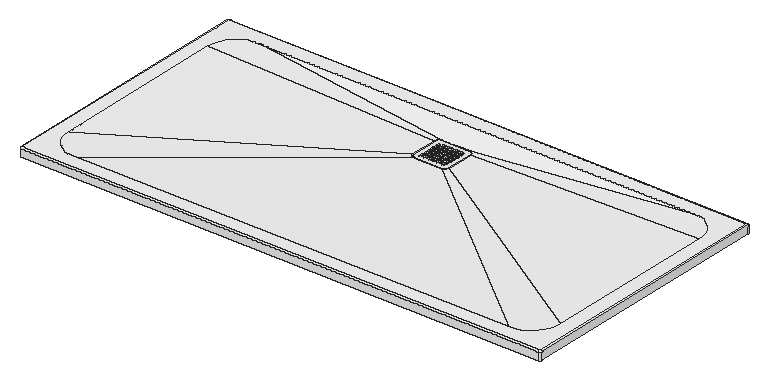
Revit family "IS_UltraFlatS_K8306_BIM_DE", category Plumbing Fixtures, host Face, Revit 2016
Family settings
  Host = Face
  Part Type = Normal
  Round Connector Dimension = Use Diameter
  OmniClass Number = 23.45.05.14.21.11
  OmniClass Title = Bath/Shower Units
  Cut with Voids When Loaded = No
  Shared = No
  Room Calculation Point = No
Parameters (values of type "K8306FR - ULTRAFLAT S PD 180X90 BIANCO")
  WarrantyStartDate = "n/a"
  WarrantyGuarantorParts = "n/a"
  WarrantyGuarantorLabor = "n/a"
  WarrantyDurationUnit = "n/a"
  WarrantyDurationParts = "n/a"
  WarrantyDurationLabor = "n/a"
  WarrantyDescription = "n/a"
  WFU = 0
  VolumeUnits = "Litres"
  Version = "1"
  Uniclass2015Version = "Products v1.1"
  Uniclass2015Title = "Shower trays"
  Uniclass2015Code = "Pr_40_20_06_84"
  URL = "www.idealstandard.de"
  Product data URL = "http://bimobject.com/idealstandard/product/k8306"
  Type Comments = "n/a"
  TagNumber = "n/a"
  SustainabilityPerformance = "n/a"
  Space = "Internal"
  Size = "1800 x 900 x 30 mm"
  Shape = "Rectangular"
  SerialNumber = "n/a"
  ReplacementCost = "n/a"
  ProductInformation = "www.idealstandard.de"
  PredefinedType = "n/a"
  Phone = "+49228 5210"
  NominalWidth = 1800 mm
  NominalLength = 900 mm
  NominalHeight = 30 mm
  NominalDepth = 0 mm
  Name = "ISI_IdealStandard_Showers_Ultra Flat S_K8306FR"
  ModelReference = "IS Rechteck-BRW ULTRA FLAT S,Abl.mittig, 1800x900x30mm, Carraraweiß"
  ModelNumber = "K8306FR"
  Model = "K8306FR"
  Material = "Sanitary Brass"
  ManufacturerURL = "www.idealstandard.de"
  Manufacturer = "idealstandard.de@idealstandard.com"
  MainMaterial = IS_RenderMaterial_VitreousChina
  LinearUnits = "millimeters"
  Keynote = ""
  InstallationInstructions = "www.idealstandard.de\\produkte"
  InstallationDate = "1900-12-31T23:59:59"
  Help = "idealstandard.de@idealstandard.com"
  HWFU = 0
  GrossWeight = "58,2 kg"
  Grade = "n/a"
  Finish = "Pure White"
  Features = "ULTRA FLAT S rectangular shower tray 1800x900mm"
  ExpectedLife = "25"
  DurationUnit = "year"
  DistributedBy = "n/a"
  Description = "Ultraflat S Pd 180 x 90 Bianco"
  Default Elevation = 0 mm
  CurrencyUnit = "€"
  CreatedOn = "42774"
  Cost = 0
  Constituents = "n/a"
  ConnectionType = "Plumbing"
  Color = "Pure White"
  CodePerformance = "0"
  CWFU = 0
  Brand = "Ideal Standard"
  BarCode = "4015413067829"
  BIMObjectName = "ISI_IdealStandard_Showers_Ultra Flat S_K8306FR"
  Author = "Ideal Standard"
  AssetType = "Fixed"
  AssetIdentifier = "n/a"
  Assembly Code = "C1030200"
  AreaUnits = "millimeters"
  AreaMeasurement = "n/a"
  Accessories = "www.idealstandard.de\\ersatzteile"
  AccessibilityPerformance = "n/a"
Types (5, lengths in mm): name | Name | ModelReference | ModelNumber | Model | MainMaterial | Finish | Description | Color | BarCode | BIMObjectName
  K8306FR - ULTRAFLAT S PD 180X90 BIANCO | "ISI_IdealStandard_Showers_Ultra Flat S_K8306FR" | "IS Rechteck-BRW ULTRA FLAT S,Abl.mittig, 1800x900x30mm, Carraraweiß" | "K8306FR" | "K8306FR" | IS_RenderMaterial_VitreousChina | "Pure White" | "Ultraflat S Pd 180 x 90 Bianco" | "Pure White" | "4015413067829" | "ISI_IdealStandard_Showers_Ultra Flat S_K8306FR"
  K8306FT - ULTRAFLAT S PD 180X90 SABBIA | "ISI_IdealStandard_Showers_Ultra Flat S_K8306FT" | "IS Rechteck-BRW ULTRA FLAT S,Abl.mittig, 1800x900x30mm, Sandstein" | "K8306FT" | "K8306FT" | IS_RenderMaterial_Gray | "Beach Sand" | "Ultraflat S Pd 180 x 90 Sabbia" | "Beach Sand" | "4015413071246" | "ISI_IdealStandard_Showers_Ultra Flat S_K8306FT"
  K8306FS - ULTRAFLAT S PD 180X90 GRIGIO CEMENTO | "ISI_IdealStandard_Showers_Ultra Flat S_K8306FS" | "IS Rechteck-BRW ULTRA FLAT S,Abl.mittig, 1800x900x30mm, Quarzgrau" | "K8306FS" | "K8306FS" | IS_RenderMaterial_Black | "Concrete Grey" | "Ultraflat S Pd 180 x 90 Grigio Cemento" | "Concrete Grey" | "4015413070782" | "ISI_IdealStandard_Showers_Ultra Flat S_K8306FS"
  K8306FV - ULTRAFLAT S PD 180X90 NERO | "ISI_IdealStandard_Showers_Ultra Flat S_K8306FV" | "IS Rechteck-BRW ULTRA FLAT S,Abl.mittig, 1800x900x30mm, Schiefer" | "K8306FV" | "K8306FV" | IS_RenderMaterial_Sand | "Jet Black" | "Ultraflat S Pd 180 x 90 Nero" | "Jet Black" | "4015413071949" | "ISI_IdealStandard_Showers_Ultra Flat S_K8306FV"
  K8306FU - ULTRAFLAT S PD 180X90 MOKA | "ISI_IdealStandard_Showers_Ultra Flat S_K8306FU" | "IS Rechteck-BRW ULTRA FLAT S,Abl.mittig, 1800x900x30mm, Lavabraun" | "K8306FU" | "K8306FU" | IS_RenderMaterial_Moka | "Deep Moka" | "Ultraflat S Pd 180 x 90 Moka" | "Deep Moka" | "4015413071604" | "ISI_IdealStandard_Showers_Ultra Flat S_K8306FU"
Reference planes
  plane 1 "Center (Front/Back)": y = 0
  plane 2: z = 0
  plane 3 "Center (Left/Right)": x = 0
  plane 4: z = 30
  plane 5: x = -900
  plane 6: x = -850
  plane 7: y = -900
  plane 8: y = -850
  plane 9: x = 900
  plane 10: x = 850
Forms (mm)
  Extrusion 1, solid, material "IS_RenderMaterial_VitreousChina" <- "MainMaterial"
    sketch origin (0, 0, 0) x (1, 0, 0) y (0, 1, 0)
      loop
        arc (-895, 0) -> (-898.536, -1.464) -> (-900, -5) r 5
        line (-900, -5) -> (-900, -895)
        arc (-900, -895) -> (-898.536, -898.536) -> (-895, -900) r 5
        line (-895, -900) -> (895, -900)
        arc (895, -900) -> (898.536, -898.536) -> (900, -895) r 5
        line (900, -895) -> (900, -5)
        arc (900, -5) -> (898.536, -1.464) -> (895, 0) r 5
        line (895, 0) -> (-895, 0)
    from 0 to 30
  Blend 2, void
    base sketch origin (0, 39.744, 30) x (-1, 0, 0) y (0, -1, 0)
      loop
        arc (750, 89.744) -> (820.711, 119.033) -> (850, 189.744) r 100
        line (850, 189.744) -> (850, 789.744)
        arc (850, 789.744) -> (820.711, 860.454) -> (750, 889.744) r 100
        line (750, 889.744) -> (-750, 889.744)
        arc (-750, 889.744) -> (-820.711, 860.454) -> (-850, 789.744) r 100
        line (-850, 789.744) -> (-850, 189.744)
        arc (-850, 189.744) -> (-820.711, 119.033) -> (-750, 89.744) r 100
        line (-750, 89.744) -> (750, 89.744)
    top sketch origin (0, 39.744, 30) x (-1, 0, 0) y (0, -1, 0)
      loop
        arc (47.5, 177.244) -> (58.107, 181.637) -> (62.5, 192.244) r 15
        line (62.5, 192.244) -> (62.5, 287.244)
        arc (62.5, 287.244) -> (58.107, 297.85) -> (47.5, 302.244) r 15
        line (47.5, 302.244) -> (-47.5, 302.244)
        arc (-47.5, 302.244) -> (-58.107, 297.85) -> (-62.5, 287.244) r 15
        line (-62.5, 287.244) -> (-62.5, 192.244)
        arc (-62.5, 192.244) -> (-58.107, 181.637) -> (-47.5, 177.244) r 15
        line (-47.5, 177.244) -> (47.5, 177.244)
    from 0 to -15
  Revolve 3, void
    sketch origin (-65.411, -200, 1219.2) x (-1, 0, 0) y (0, 0, 1)
      loop
        line (-65.411, -1219.2) -> (-20.411, -1219.2) -> (-20.411, -1214.2) -> (-13.411, -1207.2) -> (-65.411, -1207.2) -> (-65.411, -1219.2)
      axis (-65.411, -1219.2) -> (-65.411, -1207.2)
    angle from 0 to 360
  Extrusion 4, void
    sketch origin (0, -134.515, 12) x (-1, 0, 0) y (0, 1, 0)
      loop
        arc (-47.5, -2.985) -> (-58.107, -7.379) -> (-62.5, -17.985) r 15
        line (-62.5, -17.985) -> (-62.5, -112.985)
        arc (-62.5, -112.985) -> (-58.107, -123.592) -> (-47.5, -127.985) r 15
        line (-47.5, -127.985) -> (47.5, -127.985)
        arc (47.5, -127.985) -> (58.107, -123.592) -> (62.5, -112.985) r 15
        line (62.5, -112.985) -> (62.5, -17.985)
        arc (62.5, -17.985) -> (58.107, -7.379) -> (47.5, -2.985) r 15
        line (47.5, -2.985) -> (-47.5, -2.985)
    from 0 to -3
  Extrusion 5, solid, material "Chrome - Polished"
    sketch origin (0, -134.515, 12) x (0, 1, 0) y (-1, 0, 0)
      loop
        arc (-4.985, 46.539) -> (-9.074, 56.411) -> (-18.946, 60.5) r 13.961
        line (-18.946, 60.5) -> (-111.985, 60.5)
        arc (-111.985, 60.5) -> (-121.885, 56.399) -> (-125.985, 46.5) r 14
        line (-125.985, 46.5) -> (-125.985, -46.5)
        arc (-125.985, -46.5) -> (-121.885, -56.399) -> (-111.985, -60.5) r 14
        line (-111.985, -60.5) -> (-18.985, -60.5)
        arc (-18.985, -60.5) -> (-9.086, -56.399) -> (-4.985, -46.5) r 14
        line (-4.985, -46.5) -> (-4.985, 46.539)
      loop
        line (-64.007, 45) -> (-64.007, 32) -> (-52.007, 32) -> (-52.007, 45) -> (-64.007, 45)
      loop
        line (-49.007, 45) -> (-49.007, 32) -> (-37.007, 32) -> (-37.007, 45) -> (-49.007, 45)
      loop
        line (-34.007, 45) -> (-34.007, 32) -> (-22.007, 32) -> (-22.007, 45) -> (-34.007, 45)
      loop
        line (-34.007, 29) -> (-34.007, 16) -> (-22.007, 16) -> (-22.007, 29) -> (-34.007, 29)
      loop
        line (-34.007, 13) -> (-34.007, 1.526) -> (-22.007, 1.526) -> (-22.007, 13) -> (-34.007, 13)
      loop
        line (-37.007, 29) -> (-49.007, 29) -> (-49.007, 16) -> (-37.007, 16) -> (-37.007, 29)
      loop
        line (-37.007, 13) -> (-49.007, 13) -> (-49.007, 1.526) -> (-37.007, 1.526) -> (-37.007, 13)
      loop
        line (-52.007, 29) -> (-64.007, 29) -> (-64.007, 16) -> (-52.007, 16) -> (-52.007, 29)
      loop
        line (-52.007, 13) -> (-64.007, 13) -> (-64.007, 1.526) -> (-52.007, 1.526) -> (-52.007, 13)
      loop
        line (-64.007, -45) -> (-52.007, -45) -> (-52.007, -32) -> (-64.007, -32) -> (-64.007, -45)
      loop
        line (-49.007, -45) -> (-37.007, -45) -> (-37.007, -32) -> (-49.007, -32) -> (-49.007, -45)
      loop
        line (-34.007, -45) -> (-22.007, -45) -> (-22.007, -32) -> (-34.007, -32) -> (-34.007, -45)
      loop
        line (-34.007, -29) -> (-22.007, -29) -> (-22.007, -16) -> (-34.007, -16) -> (-34.007, -29)
      loop
        line (-34.007, -13) -> (-22.007, -13) -> (-22.007, -1.526) -> (-34.007, -1.526) -> (-34.007, -13)
      loop
        line (-37.007, -29) -> (-37.007, -16) -> (-49.007, -16) -> (-49.007, -29) -> (-37.007, -29)
      loop
        line (-37.007, -13) -> (-37.007, -1.526) -> (-49.007, -1.526) -> (-49.007, -13) -> (-37.007, -13)
      loop
        line (-52.007, -29) -> (-52.007, -16) -> (-64.007, -16) -> (-64.007, -29) -> (-52.007, -29)
      loop
        line (-52.007, -13) -> (-52.007, -1.526) -> (-64.007, -1.526) -> (-64.007, -13) -> (-52.007, -13)
      loop
        line (-66.963, 45) -> (-78.963, 45) -> (-78.963, 32) -> (-66.963, 32) -> (-66.963, 45)
      loop
        line (-81.963, 45) -> (-93.963, 45) -> (-93.963, 32) -> (-81.963, 32) -> (-81.963, 45)
      loop
        line (-96.963, 45) -> (-108.963, 45) -> (-108.963, 32) -> (-96.963, 32) -> (-96.963, 45)
      loop
        line (-96.963, 29) -> (-108.963, 29) -> (-108.963, 16) -> (-96.963, 16) -> (-96.963, 29)
      loop
        line (-96.963, 13) -> (-108.963, 13) -> (-108.963, 1.526) -> (-96.963, 1.526) -> (-96.963, 13)
      loop
        line (-93.963, 29) -> (-93.963, 16) -> (-81.963, 16) -> (-81.963, 29) -> (-93.963, 29)
      loop
        line (-93.963, 13) -> (-93.963, 1.526) -> (-81.963, 1.526) -> (-81.963, 13) -> (-93.963, 13)
      loop
        line (-78.963, 29) -> (-78.963, 16) -> (-66.963, 16) -> (-66.963, 29) -> (-78.963, 29)
      loop
        line (-78.963, 13) -> (-78.963, 1.526) -> (-66.963, 1.526) -> (-66.963, 13) -> (-78.963, 13)
      loop
        line (-66.963, -45) -> (-66.963, -32) -> (-78.963, -32) -> (-78.963, -45) -> (-66.963, -45)
      loop
        line (-81.963, -45) -> (-81.963, -32) -> (-93.963, -32) -> (-93.963, -45) -> (-81.963, -45)
      loop
        line (-96.963, -45) -> (-96.963, -32) -> (-108.963, -32) -> (-108.963, -45) -> (-96.963, -45)
      loop
        line (-96.963, -29) -> (-96.963, -16) -> (-108.963, -16) -> (-108.963, -29) -> (-96.963, -29)
      loop
        line (-96.963, -13) -> (-96.963, -1.526) -> (-108.963, -1.526) -> (-108.963, -13) -> (-96.963, -13)
      loop
        line (-93.963, -29) -> (-81.963, -29) -> (-81.963, -16) -> (-93.963, -16) -> (-93.963, -29)
      loop
        line (-93.963, -13) -> (-81.963, -13) -> (-81.963, -1.526) -> (-93.963, -1.526) -> (-93.963, -13)
      loop
        line (-78.963, -29) -> (-66.963, -29) -> (-66.963, -16) -> (-78.963, -16) -> (-78.963, -29)
      loop
        line (-78.963, -13) -> (-66.963, -13) -> (-66.963, -1.526) -> (-78.963, -1.526) -> (-78.963, -13)
    from 0 to 3
  Sweep 6, void
    path in 3D
      loop
        arc (895, -900, 30) -> (898.536, -898.536, 30) -> (900, -895, 30) r 5
        line (900, -895, 30) -> (900, -5, 30)
        arc (900, -5, 30) -> (898.536, -1.464, 30) -> (895, 0, 30) r 5
        line (895, 0, 30) -> (-895, 0, 30)
        arc (-895, 0, 30) -> (-898.536, -1.464, 30) -> (-900, -5, 30) r 5
        line (-900, -5, 30) -> (-900, -895, 30)
        arc (-900, -895, 30) -> (-898.536, -898.536, 30) -> (-895, -900, 30) r 5
        line (-895, -900, 30) -> (895, -900, 30)
    profile origin (0, -900, 30) x (0, 1, 0) y (0, 0, 1)
      loop
        line (0, 0) -> (0, -3)
        arc (0, -3) -> (0.879, -0.879) -> (3, 0) r 3
        line (3, 0) -> (0, 0)
Cuts and joins
  Blend 2, Revolve 3, Extrusion 4, Sweep 6 cuts Extrusion 1
  Blend 2 cuts Extrusion 5
Lines and regions (mm)
  sketch lines
    curve 1: line (-895, -900, 30) -> (895, -900, 30)
    curve 2: arc (900, -895, 30) -> (898.536, -898.536, 30) -> (895, -900, 30) r 5
    curve 3: arc (895, 0, 30) -> (898.536, -1.464, 30) -> (900, -5, 30) r 5
    curve 4: line (900, -895, 30) -> (900, -5, 30)
    curve 5: line (895, 0, 30) -> (-895, 0, 30)
    curve 6: arc (-895, -900, 30) -> (-898.536, -898.536, 30) -> (-900, -895, 30) r 5
    curve 7: line (-900, -5, 30) -> (-900, -895, 30)
    curve 8: arc (-900, -5, 30) -> (-898.536, -1.464, 30) -> (-895, 0, 30) r 5
Dimensions and locks
  "NominalHeight": level to plane 4
  "NominalWidth": plane 5 to plane 9
  "NominalLength": plane 1 "Center (Front/Back)" to plane 7
  aligned and locked: plane 2 to host face
  aligned and locked: level to host face
Automatic sketch dimensions
  host sketch curve to host sketch curve = 2438.4 mm
  host sketch curve to host sketch curve = 1758.7 mm
  Extrusion 1 sketch curve to plane 5 = 0 mm
  Extrusion 1 sketch curve to plane 7 = 0 mm
  plane 1 "Center (Front/Back)" to Extrusion 1 sketch curve = 0 mm
  Extrusion 1 sketch curve to plane 9 = 0 mm
  Extrusion 1 sketch curve to plane 5 = 5 mm
  plane 1 "Center (Front/Back)" to Extrusion 1 sketch curve = 5 mm
  Extrusion 1 sketch curve to plane 9 = 5 mm  (x2)
  Blend 2 sketch curve to plane 10 = 0 mm
  plane 8 to Blend 2 sketch curve = 0 mm
  Blend 2 sketch curve to plane 6 = 0 mm
  Blend 2 sketch curve to plane 10 = 100 mm  (x2)
  plane 1 "Center (Front/Back)" to Blend 2 sketch curve = 50 mm
  Blend 2 sketch curve to plane 6 = 100 mm  (x2)
  plane 3 "Center (Left/Right)" to Blend 2 sketch curve = 62.5 mm
  Blend 2 sketch curve to Blend 2 sketch curve = 15 mm  (x3)
  Blend 2 sketch curve to plane 3 "Center (Left/Right)" = 47.5 mm  (x2)
  plane 1 "Center (Front/Back)" to Blend 2 sketch curve = 137.5 mm
  Blend 2 sketch curve to Blend 2 sketch curve = 95 mm
  Revolve 3 sketch curve to level = 0 mm
  Revolve 3 sketch curve to plane 3 "Center (Left/Right)" = 0 mm  (x2)
  level to Revolve 3 sketch curve = 5 mm
  Revolve 3 sketch curve to plane 3 "Center (Left/Right)" = 45 mm
  Revolve 3 sketch curve to Revolve 3 sketch curve = 7 mm
  Revolve 3 sketch curve to Revolve 3 sketch curve = 12 mm
  Revolve 3 sketch curve to level = 10 mm
  plane 4 to Revolve 3 sketch curve = 7.813 mm
  plane 3 "Center (Left/Right)" to Extrusion 4 sketch curve = 62.5 mm
  Extrusion 4 sketch curve to Extrusion 4 sketch curve = 15 mm  (x3)
  Extrusion 4 sketch curve to plane 3 "Center (Left/Right)" = 47.5 mm  (x2)
  plane 1 "Center (Front/Back)" to Extrusion 4 sketch curve = 137.5 mm
  Extrusion 4 sketch curve to Extrusion 4 sketch curve = 95 mm
  plane 3 "Center (Left/Right)" to Extrusion 5 sketch curve = 46.5 mm
  plane 1 "Center (Front/Back)" to Extrusion 5 sketch curve = 260.5 mm
  Extrusion 5 sketch curve to Extrusion 5 sketch curve = 14 mm  (x3)
  Extrusion 5 sketch curve to Extrusion 5 sketch curve = 3.022 mm  (x3)
  Extrusion 5 sketch curve to Extrusion 5 sketch curve = 0 mm  (x56)
  plane 3 "Center (Left/Right)" to Extrusion 5 sketch curve = 1.526 mm  (x6)
  Extrusion 5 sketch curve to Extrusion 5 sketch curve = 12 mm  (x18)
  Extrusion 5 sketch curve to Extrusion 5 sketch curve = 3 mm  (x37)
  Extrusion 5 sketch curve to Extrusion 5 sketch curve = 2.956 mm  (x6)
  Extrusion 5 sketch curve to Extrusion 5 sketch curve = 3.061 mm
  Extrusion 5 sketch curve to Extrusion 5 sketch curve = 1.5 mm  (x3)
  Extrusion 5 sketch curve to Extrusion 5 sketch curve = 13 mm  (x9)
  Extrusion 5 sketch curve to plane 3 "Center (Left/Right)" = 1.526 mm  (x6)
  Extrusion 5 sketch curve to Extrusion 5 sketch curve = 11.474 mm  (x2)
  Sweep 6 sketch curve to profile plane = 0 mm  (x2)
  Sweep 6 sketch curve to profile plane = 3 mm
Connectors
  piping at (0, -200, 0), diameter 90
    settings: on cut or joined group of Extrusion 1, Blend 2, Revolve 3, Extrusion 4, Sweep 6, index 1, connector inside diameter 609.6 mm, connector length 0 mm, flow factor 0, pipe flow 0.0 L/s, pressure drop 0.0 Pa, fitting loss kfactor 0, connector angle 0.00°, fixture units 0, engagement length 0 mm, angle of deflection 0.00°, flow configuration 2, flow direction 2, fitting loss method 0, system type 16, joint type 0, gender type 0, connector reference index -1, connector utility 0, adjustable connector no, is connector primary yes, connector description ""
